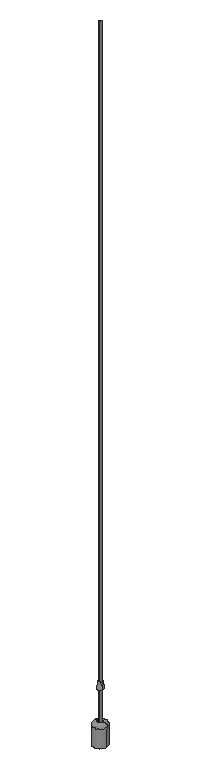
Revit family "Coral 400", category Lighting Fixtures, host Ceiling, Revit 2017
Family settings
  Host = Ceiling
  Round Connector Dimension = Use Diameter
  Part Type = Normal
  OmniClass Number = 23.80.70.11
  OmniClass Title = Luminaries for Internal Lighting
  Always vertical = Yes
  Cut with Voids When Loaded = No
  Light Source = Yes
  Shared = No
  Room Calculation Point = No
Parameters (values of type "Generic")
  Wattage Comments = "Max. 60 Watts. 110V(US) / 230-240V(EU). Lamp NOT provided."
  Wattage = 6.7321 W
  built-in parameter 1150110 = 1 (stored number, unit not read)
  URL = "https://www.davidtrubridge.com"
  Type Comments = "Ceilig Rose required, contact supplier for options."
  built-in parameter 1114217 = 1 (stored number, unit not read)
  built-in parameter 1150109 = 1 (stored number, unit not read)
  built-in parameter 1150134 = (empty or 0)
  Suspension Top [instance] = Suspension Mid - 200 mm  # 1800 mm
  built-in parameter 1150113 = 1 (stored number, unit not read)
  Model = "Coral 400"
  Manufacturer = "David Trubridge"
  Lumens = 1000 lm
  built-in parameter 1150115 = 1 (stored number, unit not read)
  built-in parameter 1150105 = 79.577 (stored number, unit not read)
  Suspension Mid [instance] = 2000 mm
  Light Source Symbol Size = 300 mm
  built-in parameter 1150137 = (empty or 0)
  built-in parameter 1150139 = (empty or 0)
  Lamp Wattage = 0 W
  built-in parameter 1150112 = 1 (stored number, unit not read)
  built-in parameter 1150114 = 1 (stored number, unit not read)
  Lamp = "E14 (EU) / E26 (USA)"
  built-in parameter 1150132 = 2
  built-in parameter 1150102 = (empty or 0)
  built-in parameter 1150138 = (empty or 0)
  built-in parameter 1150107 = 3000 (stored number, unit not read)
  built-in parameter 1150106 = 0.79577 (stored number, unit not read)
  built-in parameter 1150104 = 13.8 (stored number, unit not read)
  Dimming Lamp Color Temperature Shift = <None>
  Description = "Pendant in bamboo plywood. Can be made in a large range of colours. Lamp is not supplied"
  Cordset Finish = Plastic, Opaque White
  Color Filter = 16777215
  built-in parameter 1114218 = 1 (stored number, unit not read)
  built-in parameter 1150133 = 10 (stored number, unit not read)
  Apparent Load = 0 VA
Reference planes
  plane 1 "Light Source Axis (F/B)": y = 0
  plane 2: z = 0
  plane 3 "Light Source Axis (L/R)": x = 0
  plane 4 "Ceiling": z = 4000
  plane 5 "Light Source Elevation": z = 2000
  plane 6 "Top of pendant": z = 2200
  plane 7 "Light Socket": z = 2050
  plane 8 "Bottom of Pendant": z = 1800
  plane 9: x = -200
  plane 10: x = 200
Forms (mm)
  Revolve 1, solid, material "Plastic, Opaque White" <- "Cordset Finish"
    sketch origin (0, 0, -205) x (1, 0, 0) y (0, 0, 1)
      loop
        line (0, 2317) -> (0, 2255) -> (20, 2255) -> (20, 2307)
        arc (20, 2307) -> (17.071, 2314.071) -> (10, 2317) r 10
        line (10, 2317) -> (0, 2317)
      axis (0, 2255) -> (0, 2317)
    angle from 0 to 360
  Extrusion 2, solid, material "Plastic, Opaque White" <- "Cordset Finish"
    sketch origin (0, 0, 3200) x (0, 1, 0) y (-1, 0, 0)
      loop
        circle (0, 0) r 3
    from -1000 to 800
  Extrusion 3, solid, material "Plastic, Opaque White" <- "Cordset Finish"
    sketch origin (0, 0, 3200) x (0, 1, 0) y (-1, 0, 0)
      loop
        circle (0, 0) r 3
    from -1150 to -1000
  Revolve 4, solid, material "Plastic, Opaque White" <- "Cordset Finish"
    sketch origin (0, 0, -40) x (1, 0, 0) y (0, 0, 1)
      loop
        line (0, 2260) -> (0, 2240) -> (7.5, 2240) -> (5, 2260) -> (0, 2260)
      axis (0, 2240) -> (0, 2260)
    angle from 0 to 360
Dimensions and locks
  equal spacing: host sketch curve, plane 3 "Light Source Axis (L/R)", host sketch curve
  equal spacing: host sketch curve, plane 1 "Light Source Axis (F/B)", host sketch curve
  host sketch curve to host sketch curve = 4000 mm  (x2)
  plane 4 "Ceiling" to host ceiling = 0 mm
  plane 4 "Ceiling" to level = 4000 mm
  "Suspension Mid": plane 5 "Light Source Elevation" to plane 4 "Ceiling"
  locked: plane 5 "Light Source Elevation" to plane 6 "Top of pendant" at 200
  locked: plane 5 "Light Source Elevation" to plane 7 "Light Socket" at 50
  locked: plane 8 "Bottom of Pendant" to plane 5 "Light Source Elevation" at 200
  "Suspension Top": Revolve 4 to plane 4 "Ceiling"
  plane 9 to plane 10 = 400 mm
  aligned and locked: plane 3 "Light Source Axis (L/R)" to imposter light
  aligned and locked: plane 1 "Light Source Axis (F/B)" to imposter light
  aligned and locked: plane 5 "Light Source Elevation" to imposter light
  aligned and locked: Extrusion 2 to plane 6 "Top of pendant"
  aligned and locked: Extrusion 3 to Revolve 1
  aligned and locked: plane 7 "Light Socket" to Extrusion 3
  aligned and locked: level to plane 2
  aligned and locked: import instance to plane 6 "Top of pendant"
  aligned and locked: plane 6 "Top of pendant" to Extrusion 3
  aligned and locked: Extrusion 2 to plane 4 "Ceiling"
  aligned and locked: plane 4 "Ceiling" to host ceiling
Automatic sketch dimensions
  Revolve 1 sketch curve to plane 3 "Light Source Axis (L/R)" = 0 mm
  plane 3 "Light Source Axis (L/R)" to Revolve 1 sketch curve = 0 mm
  plane 3 "Light Source Axis (L/R)" to Revolve 1 sketch curve = 10 mm
  Revolve 1 sketch curve to Revolve 1 sketch curve = 20 mm
  Revolve 1 sketch curve to plane 5 "Light Source Elevation" = 50 mm
  Revolve 1 sketch curve to Revolve 1 sketch curve = 52 mm
  Revolve 1 sketch curve to level = 563.228 mm
  Revolve 1 sketch curve to plane 4 "Ceiling" = 157.185 mm
  plane 1 "Light Source Axis (F/B)" to Extrusion 2 sketch curve = 0 mm
  Extrusion 2 sketch curve to plane 3 "Light Source Axis (L/R)" = 0 mm
  plane 1 "Light Source Axis (F/B)" to Extrusion 3 sketch curve = 0 mm
  Extrusion 3 sketch curve to plane 3 "Light Source Axis (L/R)" = 0 mm
  Revolve 4 sketch curve to plane 3 "Light Source Axis (L/R)" = 0 mm  (x2)
  Revolve 4 sketch curve to plane 6 "Top of pendant" = 0 mm
  plane 3 "Light Source Axis (L/R)" to Revolve 4 sketch curve = 5 mm
  plane 3 "Light Source Axis (L/R)" to Revolve 4 sketch curve = 7.5 mm
  Revolve 4 sketch curve to plane 6 "Top of pendant" = 20 mm
  Revolve 4 sketch curve to level = 344.8 mm
  plane 4 "Ceiling" to Revolve 4 sketch curve = 40 mm
  radius of Extrusion 2 sketch curve = 3 mm
  radius of Extrusion 3 sketch curve = 3 mm
Connectors
  electrical at (0, 0, 4000)
    settings: index 1, voltage 0 V, apparent load 0 VA, apparent load phase1 0 VA, apparent load phase2 0 VA, apparent load phase3 0 VA, power factor 1, load classification "Other", number of poles 1, system type 30, power factor state 0, is connector primary yes, connector utility no, sub classification motor no, connector description ""
